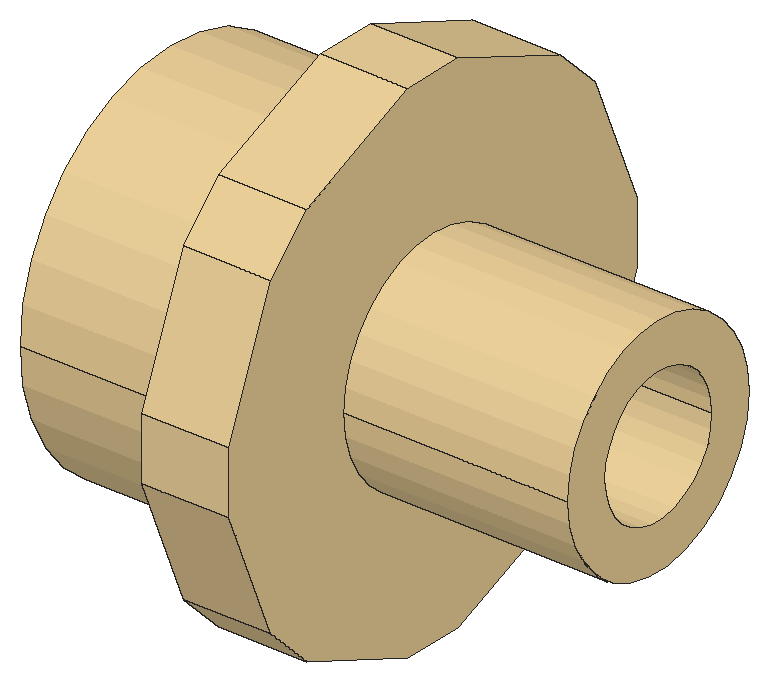
Revit family "Aquatherm_Латунная контрдеталь", category Соединительные детали трубопроводов, Revit 2019
Family settings
  Размер круглого соединителя = Использовать диаметр
  Тип детали = Переход
  На основе рабочей плоскости = Нет
  Всегда вертикально = Да
  При загрузке вырезать с полостями = Нет
  Общий = Нет
Parameters (values of type "SDR 6")
  Материал_Корпус = AquaTherm латунь pipe
  K Coefficient = 0
  z2 [instance] = l1 / 3  # 5.833 mm
  r1 [instance] = R2 - 4 mm  # 11 mm
  r [instance] = R2 - 6 mm  # 9 mm
  n1 [instance] = l1  # 17.5 mm
  n [instance] = l1 - z2  # 11.667 mm
  l1 [instance] = size_lookup("Латунная контрдеталь", "l1", 18 mm, R1, R2)  # 17.5 mm
  d2 [instance] = 31 mm
  d1 [instance] = 13 mm
  URL = "www.agpipe.ru"
  SW' [instance] = SW - 1 mm  # 33 mm
  SW [instance] = size_lookup("Латунная контрдеталь", "SW", 18 mm, R1, R2)  # 34 mm
  SDR = 6 mm
  R2 [instance] = 15 mm
  R1 [instance] = 25 mm
  L [instance] = size_lookup("Латунная контрдеталь", "L", 18 mm, R1, R2)  # 32.5 mm
  ADSK_Примечание = ""
  ADSK_Позиция [instance] = ""
  ADSK_Обозначение = ""
  ADSK_Наименование [instance] = size_lookup("Латунная контрдеталь", "ADSK_Наименование", "Нет в каталоге", R1, R2)  # "Латунная контрдеталь DN 1\"x1/2''"
  ADSK_Масса_Текст [instance] = size_lookup("Латунная контрдеталь", "ADSK_Масса_Текст", "Нет в каталоге", R1, R2)  # "0.109"
  ADSK_Код изделия [instance] = size_lookup("Латунная контрдеталь", "ADSK_Код изделия", "Нет в каталоге", R1, R2)  # "27710"
  ADSK_Завод-изготовитель = "Aquatherm"  # constant formula
  ADSK_Единица измерения = "шт."  # constant formula
  1 [instance] = 1 = 1  # yes
Types (5, lengths in mm): name | SDR
  (no name) | 6
  SDR 6 | 6
  SDR 7.4 | 7.4
  SDR 9 | 9
  SDR 11 | 11
Reference planes
  plane 1 "По центру (Вперед/Назад)": y = 0
  plane 2: z = 0
  plane 3 "По центру (Влево/Вправо)": x = 0
  plane 4: x = -16.25
  plane 5: x = 16.25
  plane 6: x = -4.583
  plane 7: x = 1.25
  plane 8: x = 1.25
  plane 9: x = -4.583
Forms (mm)
  Extrusion 1, solid, material "AquaTherm латунь pipe" <- "Материал_Корпус", visible <- "1"
    sketch origin (0, 0, 0) x (0, 1, 0) y (0, 0, 1)
      loop
        line (-7.042, 17) -> (-17, 7.042) -> (-17, -7.042) -> (-7.042, -17) -> (7.042, -17) -> (17, -7.042) -> (17, 7.042) -> (7.042, 17) -> (-7.042, 17)
    from -4.583 to 1.25
  Extrusion 2, void
    sketch origin (0, 0, 0) x (0, 1, 0) y (0, 0, 1)
      loop
        line (0, 17.859) -> (-12.629, 12.629) -> (-17.859, 0) -> (-12.629, -12.629) -> (0, -17.859) -> (12.629, -12.629) -> (17.859, 0) -> (12.629, 12.629) -> (0, 17.859)
      loop
        circle (0, 0) r 32.5
    from -4.583 to 1.25
  Extrusion 3, solid, material "AquaTherm латунь pipe" <- "Материал_Корпус", visible <- "1"
    sketch origin (0, 0, 0) x (0, 1, 0) y (0, 0, 1)
      loop
        circle (0, 0) r 12.5
    from -16.25 to -4.583
  Extrusion 4, solid, material "AquaTherm латунь pipe" <- "Материал_Корпус", visible <- "1"
    sketch origin (0, 0, 0) x (0, 1, 0) y (0, 0, 1)
      loop
        circle (0, 0) r 7.5
    from 1.25 to 16.25
  Extrusion 5, void
    sketch origin (0, 0, 0) x (0, 1, 0) y (0, 0, 1)
      loop
        circle (0, 0) r 4.5
    from 16.25 to -16.25
  Extrusion 6, void
    sketch origin (0, 0, 0) x (0, 1, 0) y (0, 0, 1)
      loop
        circle (0, 0) r 5.5
    from -4.583 to 1.25
Cuts and joins
  Extrusion 2, Extrusion 5, Extrusion 6 cuts Extrusion 1
  Extrusion 5, Extrusion 6 cuts Extrusion 4
  Extrusion 5 cuts Extrusion 3
Lines and regions (mm)
  reference lines
    curve 1: line (-4.583, 0, 0) -> (1.25, 0, 0)
Dimensions and locks
  equal spacing: plane 4, plane 3 "По центру (Влево/Вправо)", plane 5
  "L": plane 4 to plane 5
  equal spacing: Extrusion 1 sketch curve, plane 1 "По центру (Вперед/Назад)", Extrusion 1 sketch curve  (x3)
  "SW": Extrusion 1 sketch curve to Extrusion 1 sketch curve  (x4)
  equal spacing: Extrusion 1 sketch curve, level, Extrusion 1 sketch curve
  equal spacing: Extrusion 2 sketch curve, plane 1 "По центру (Вперед/Назад)", Extrusion 2 sketch curve  (x4)
  "SW'": Extrusion 2 sketch curve to Extrusion 2 sketch curve  (x4)
  "z2": plane 6 to plane 7
  "l1": plane 4 to plane 7
  "n1": plane 4 to plane 8
  "n": plane 4 to plane 9
  "L": radius of Extrusion 2 sketch curve
  "R1": diameter of Extrusion 3 sketch curve
  "R2": diameter of Extrusion 4 sketch curve
  "r": diameter of Extrusion 5 sketch curve
  "r1": diameter of Extrusion 6 sketch curve
  locked: Extrusion 1 sketch curve to Extrusion 1 sketch curve (angle 135.00°)  (x4)
  locked: Extrusion 2 sketch curve to Extrusion 2 sketch curve (angle 135.00°)  (x4)
  aligned and locked: level to plane 2
  aligned and locked: plane 7 to Extrusion 2
  aligned and locked: cut or joined group of Extrusion 1, Extrusion 2, Extrusion 5, Extrusion 6 to plane 6  (x2)
  aligned and locked: plane 7 to cut or joined group of Extrusion 1, Extrusion 2, Extrusion 5, Extrusion 6
  aligned and locked: Extrusion 4 to plane 7
  aligned and locked: Extrusion 4 to plane 5
  aligned and locked: plane 6 to Extrusion 3
  aligned and locked: Extrusion 3 to plane 4
  aligned and locked: plane 5 to Extrusion 5
  aligned and locked: Extrusion 5 to plane 4
  aligned and locked: Extrusion 6 to plane 6
  aligned and locked: plane 7 to cut or joined group of Extrusion 4, Extrusion 5, Extrusion 6
  aligned and locked: plane 9 to curve 1
  aligned and locked: plane 8 to curve 1
Automatic sketch dimensions
  plane 1 "По центру (Вперед/Назад)" to curve 1 = 0 mm
  Extrusion 2 sketch curve to plane 1 "По центру (Вперед/Назад)" = 0 mm  (x2)
  Extrusion 2 sketch curve to level = 0 mm  (x2)
  Extrusion 3 sketch curve to level = 0 mm
  Extrusion 3 sketch curve to plane 1 "По центру (Вперед/Назад)" = 0 mm
  Extrusion 4 sketch curve to level = 0 mm
  Extrusion 4 sketch curve to plane 1 "По центру (Вперед/Назад)" = 0 mm
  Extrusion 5 sketch curve to level = 0 mm
  Extrusion 5 sketch curve to plane 1 "По центру (Вперед/Назад)" = 0 mm
  Extrusion 6 sketch curve to level = 0 mm
  Extrusion 6 sketch curve to plane 1 "По центру (Вперед/Назад)" = 0 mm
Connectors
  piping at (-4.583, 0, 0), diameter 25, driven by "R1"
    settings: on curve 1, index 1, connector inside diameter 609.6 mm, connector length 0 mm, flow factor 0, pipe flow 0.0 L/s, pressure drop 0.0 Pa, fitting loss kfactor 0, connector angle 0.00°, fixture units 0, engagement length 0 mm, angle of deflection 0.00°, flow configuration 0, flow direction 0, fitting loss method 0, system type 7, joint type 0, gender type 0, connector reference index 2, connector utility 0, adjustable connector no, is connector primary yes, connector description ""
  piping at (1.25, 0, 0), diameter 15, driven by "R2"
    settings: on curve 1, index 2, connector inside diameter 609.6 mm, connector length 0 mm, flow factor 0, pipe flow 0.0 L/s, pressure drop 0.0 Pa, fitting loss kfactor 0, connector angle 0.00°, fixture units 0, engagement length 0 mm, angle of deflection 0.00°, flow configuration 0, flow direction 0, fitting loss method 0, system type 7, joint type 0, gender type 0, connector reference index 1, connector utility 0, adjustable connector no, is connector primary no, connector description ""
